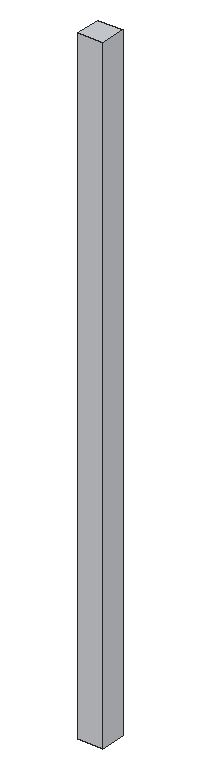
Revit family "NLRS_28_SC_HK", category Structural Columns, Revit 2020
Family settings
  Section Shape = Not Defined
  Material for Model Behavior = Wood
  Always export as geometry = No
  Beam cutback in plan = From bounding box
  Cut with Voids When Loaded = No
  Symbolic Representation = From Project Settings
  Shared = No
  Show family pre-cut in plan views = Yes
Parameters (values of type "HK 114x114")
  lengte [instance] = 2500 mm
  Structural Material [instance] = none
  Keynote = ""
  A = 0.00 m²
  Ix = 0
  Iy = 0
  Sx = 0
  Sy = 0
  b = 100 mm
  d = 100 mm
Types (5, lengths in mm): name | b | d
  HK 114x114 | 100 | 100
  HK 180x180 | 180 | 180
  HK 200x200 | 200 | 200
  HK 100x100 | 100 | 100
  HK 150x150 | 150 | 150
Reference planes
  plane 1 "Center (Front/Back)": y = 0
  plane 2: z = 0
  plane 3 "Center (Left/Right)": x = 0
  plane 4: x = -50
  plane 5: x = 50
  plane 6: y = 50
  plane 7: y = -50
Forms (mm)
  Extrusion 1, solid, material <- "Structural Material", detail levels medium+fine
    sketch origin (0, 0, 0) x (1, 0, 0) y (0, 1, 0)
      loop
        line (-50, 50) -> (-50, -50) -> (50, -50) -> (50, 50) -> (-50, 50)
    from 0 to 2500
Lines and regions (mm)
  symbolic lines, style "StructuralColumnStickSymbols", detail levels coarse
    curve 1: line (-50, 50, 0) -> (50, 50, 0)
    curve 2: line (-50, -50, 0) -> (50, -50, 0)
    curve 3: line (-50, 50, 0) -> (-50, -50, 0)
    curve 4: line (50, 50, 0) -> (50, -50, 0)
Dimensions and locks
  equal spacing: plane 4, plane 3 "Center (Left/Right)", plane 5
  equal spacing: plane 7, plane 1 "Center (Front/Back)", plane 6
  "d": plane 7 to plane 6
  "b": plane 4 to plane 5
  "lengte": level to level
  aligned and locked: plane 6 to Extrusion 1 sketch curve
  aligned and locked: Extrusion 1 sketch curve to plane 7
  aligned and locked: Extrusion 1 sketch curve to plane 4
  aligned and locked: plane 5 to Extrusion 1 sketch curve
  aligned and locked: level to Extrusion 1
  aligned and locked: level to plane 2
  aligned and locked: Extrusion 1 to plane 2
Automatic sketch dimensions
  curve 3 to plane 4 = 0 mm
  curve 4 to plane 5 = 0 mm
  curve 3 to plane 7 = 0 mm
  curve 3 to plane 6 = 0 mm
